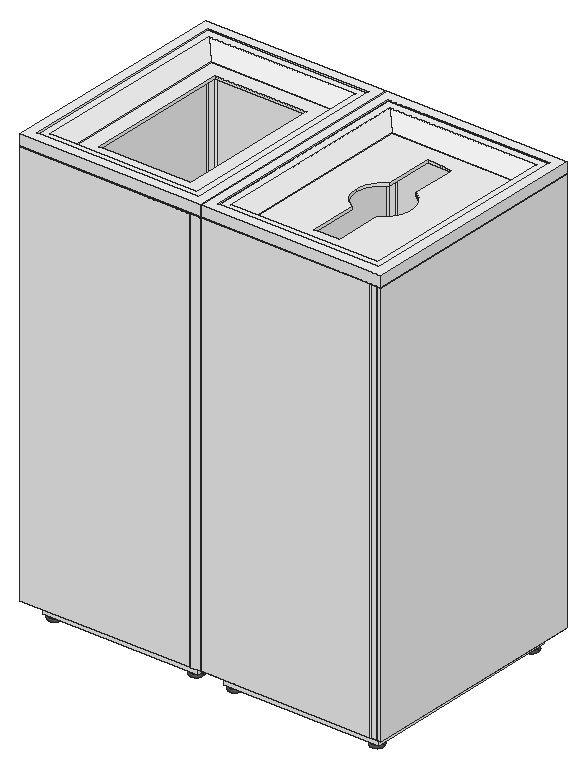
Revit family "REVIT-MG-1062-Valuta-", category Furniture, Revit 2016
Family settings
  OmniClass Number = 23.40.20.00
  OmniClass Title = General Furniture and Specialties
  Work Plane-Based = No
  Always vertical = Yes
  Cut with Voids When Loaded = No
  Shared = No
  Room Calculation Point = No
Parameters (values of type "MG-1062")
  URL = "www.magnusongroup.com"
  Type Comments = "Stand Alone"  # constant formula
  Salvage or Reuse = yes
  Percentage of Recycled Content = 0
  Model = "MG-1062"
  Manufacturer = "Magnuson Group"  # constant formula
  Low Emitting Material = yes
  Low Emitting Finish = yes
  Revit File Built By = "https://servex-us.com/servex-revit/"
  Description = "Valuta Waste Receptacle"
Reference planes (in)
  plane 1 "Center Front/Back": y = 0
  plane 2: z = 0
  plane 3 "Center Left/Right": x = 0
Dimensions and locks (in)
  aligned and locked: level to plane 2
Nested families (in)
  nested 1: "Magnuson-Valuta_1814L" at (7, -9, 0), type "VA1814L-Waste"
    with Sign Holder Magnetic no, Sign Holder Acrylic no
  nested 2: "Magnuson-Valuta_1814L" at (21, -9, 0), type "VA1814L-Paper-Circle"
    with Sign Holder Magnetic no, Sign Holder Acrylic no
Definition of nested family "Magnuson-Valuta_1814L"
  Parameters (values of type "VA1814L-Circle")
    Width = 14"
    Waste = no
    URL = "www.magnusongroup.com"
    Type Comments = "Valuta"  # constant formula
    Top Finish = none
    Top 2 = or(Security, Security 45°)  # no
    Top 1 = not(or(Security, Security 45°))  # yes
    Support Finish = none
    Sign Holder Magnetic [instance] = no
    Sign Holder Acrylic [instance] = no
    Security 45° = no
    Security = no
    Revit File Built By = "https://servex-us.com/servex-revit/"
    Paper/Circle 45° = no
    Paper/Circle = no
    Paper 45° = no
    Paper = no
    Model = "VA1814L-Circle"
    Manufacturer = "Magnuson Group"  # constant formula
    Magnetic Finish = none
    Lock Finish = none
    Laminate = yes
    Keynote = "12500"
    Height = 33 3/4"
    Glide Finish = none
    Dist Sec = if(or(Security, Security 45°), Width - 1", 1/32")  # 1/32"
    Description = "32 gallon body waste receptacle - circle opening - internal rigid liner."
    Depth = 18"
    Cost = 0  # constant formula
    Circle = yes
    Body Finish = none
    Base Finish = none
    Assembly Code = "E2020200"
    Acrylic Finish = none
  Types (5): name | Waste | Top 2 | Top 1 | Security | Paper/Circle | Paper | Model | Dist Sec | Description | Circle
    VA1814L-Sec | no | yes | no | yes | no | no | "VA1814L-Sec" | 13" | "32 gallon body waste receptacle - internal rigid liner - locking top 1/2\" wide opening." | no
    VA1814L-Circle | no | no | yes | no | no | no | "VA1814L-Circle" | 1/32" | "32 gallon body waste receptacle - circle opening - internal rigid liner." | yes
    VA1814L-Waste | yes | no | yes | no | no | no | "VA1814L-Waste" | 1/32" | "32 gallon body waste receptacle - waste opening - internal rigid liner." | no
    VA1814L-Paper-Circle | no | no | yes | no | yes | no | "VA1814L-Paper-Circle" | 1/32" | "32 gallon body waste receptacle - paper/circle opening - internal rigid liner." | no
    VA1814L-Paper | no | no | yes | no | no | yes | "VA1814L-Paper" | 1/32" | "32 gallon body waste receptacle - paper opening - internal rigid liner." | no
  Reference planes (in)
    plane 1 "Center (Front/Back)": y = 0
    plane 2: z = 0
    plane 3 "Center (Left/Right)": x = 0
    plane 4: y = -9
    plane 5: y = 9
    plane 6: x = -7
    plane 7: x = 7
    plane 8: z = 33.75
    plane 9: z = 0.3467
    plane 10: z = 1.3652
    plane 11: z = 1.4252
    plane 12: z = 19
    plane 13: y = 7.5
    plane 14: y = -7.5
    plane 15: x = -5.5
    plane 16: x = 5.5
    plane 17: z = 32.86
  Forms (in)
    Extrusion 1, solid, material <- "Body Finish"
      sketch origin (0, 0, 0) x (1, 0, 0) y (0, 1, 0)
        loop
          line (-7, 9) -> (-7, -9) -> (6.15548, -9) -> (6.22548, -8.93) -> (6.64, -8.93) -> (6.64, -8.895) -> (6.21099, -8.895) -> (6.14099, -8.965) -> (-6.965, -8.965) -> (-6.965, 8.965) -> (-6.25, 8.965) -> (-6.25, 9) -> (-7, 9)
        loop
          line (7, -9) -> (7, 9) -> (-6.13557, 9) -> (-6.20557, 8.93) -> (-6.64, 8.93) -> (-6.64, 8.895) -> (-6.19107, 8.895) -> (-6.12107, 8.965) -> (6.965, 8.965) -> (6.965, -8.965) -> (6.25, -8.965) -> (6.25, -9) -> (7, -9)
      from 1.3652 to 32.86
    Sweep 2, solid, material <- "Base Finish"
      path origin (0, 0, 0) x (1, 0, 0) y (0, 1, 0)
        loop
          line (-6, 8) -> (-6, -8) -> (6, -8) -> (6, 8) -> (-6, 8)
      profile origin (0, 8, 0) x (0, 1, 0) y (0, 0, 1)
        loop
          line (0, 0.3467) -> (0, 1.3652) -> (-1, 1.3652) -> (-1, 0.3467) -> (0, 0.3467)
    Extrusion 3, solid, material <- "Body Finish"
      sketch origin (0, 0, 0) x (1, 0, 0) y (0, 1, 0)
        loop
          line (-6.965, 8.965) -> (-6.965, -8.965) -> (6.965, -8.965) -> (6.965, 8.965) -> (-6.965, 8.965)
      from 1.3652 to 1.4252
    Sweep 4, solid, material <- "Top Finish"
      path origin (0, 0, 24.76772) x (1, 0, 0) y (0, 1, 0)
        loop
          line (-7, 9) -> (-7, -9) -> (7, -9) -> (7, 9) -> (-7, 9)
      profile origin (-7, 0, 24.76772) x (1, 0, 0) y (0, 0, 1)
        loop
          line (2.20362, 7.825) -> (1.30862, 8.89163) -> (0.75, 8.89163) -> (0.75, 8.98228) -> (0, 8.98228) -> (0, 8.15478) -> (0.0625, 8.09228) -> (1.71827, 8.09228) -> (2.11036, 7.625) -> (2.20362, 7.625) -> (2.20362, 7.825)
    Revolve 5, solid, material <- "Glide Finish"
      sketch origin (-7.5, 7.5, 47.24409) x (-1, 0, 0) y (0, 0, 1)
        loop
          line (-2, -46.62239) -> (-2.09, -46.62239) -> (-2.09, -47.08409) -> (-2.42983, -47.08409)
          arc (-2.42983, -47.08409) -> (-2.50983, -47.16409) -> (-2.42983, -47.24409) r 0.08
          line (-2.42983, -47.24409) -> (-2, -47.24409) -> (-2, -46.62239)
        axis (-2, -47.24409) -> (-2, -46.62239)
      angle from 0 to 360
    Extrusion 6, solid, material <- "Glide Finish"
      sketch origin (-0.175, 0.175, 0) x (1, 0, 0) y (0, 1, 0)
        loop
          line (-5.70347, 7.325) -> (-5.51423, 6.99724) -> (-5.13577, 6.99724) -> (-4.94653, 7.325) -> (-5.13577, 7.65276) -> (-5.51423, 7.65276) -> (-5.70347, 7.325)
      from 0.16 to 0.32
    Extrusion 7, solid, material <- "Glide Finish"
      sketch origin (14.825, 0.175, 0) x (1, 0, 0) y (0, 1, 0)
        loop
          line (-9.70347, 7.325) -> (-9.51423, 6.99724) -> (-9.13577, 6.99724) -> (-8.94653, 7.325) -> (-9.13577, 7.65276) -> (-9.51423, 7.65276) -> (-9.70347, 7.325)
      from 0.16 to 0.32
    Revolve 8, solid, material <- "Glide Finish"
      sketch origin (7.5, 7.5, 47.24409) x (-1, 0, 0) y (0, 0, 1)
        loop
          line (2, -46.62239) -> (1.91, -46.62239) -> (1.91, -47.08409) -> (1.57017, -47.08409)
          arc (1.57017, -47.08409) -> (1.49017, -47.16409) -> (1.57017, -47.24409) r 0.08
          line (1.57017, -47.24409) -> (2, -47.24409) -> (2, -46.62239)
        axis (2, -47.24409) -> (2, -46.62239)
      angle from 0 to 360
    Extrusion 9, solid, material <- "Glide Finish"
      sketch origin (-0.175, -14.825, 0) x (1, 0, 0) y (0, 1, 0)
        loop
          line (-5.70347, 7.325) -> (-5.51423, 6.99724) -> (-5.13577, 6.99724) -> (-4.94653, 7.325) -> (-5.13577, 7.65276) -> (-5.51423, 7.65276) -> (-5.70347, 7.325)
      from 0.16 to 0.32
    Extrusion 10, solid, material <- "Glide Finish"
      sketch origin (14.825, -14.825, 0) x (1, 0, 0) y (0, 1, 0)
        loop
          line (-9.70347, 7.325) -> (-9.51423, 6.99724) -> (-9.13577, 6.99724) -> (-8.94653, 7.325) -> (-9.13577, 7.65276) -> (-9.51423, 7.65276) -> (-9.70347, 7.325)
      from 0.16 to 0.32
    Revolve 11, solid, material <- "Glide Finish"
      sketch origin (-7.5, -7.5, 47.24409) x (-1, 0, 0) y (0, 0, 1)
        loop
          line (-2, -46.62239) -> (-2.09, -46.62239) -> (-2.09, -47.08409) -> (-2.42983, -47.08409)
          arc (-2.42983, -47.08409) -> (-2.50983, -47.16409) -> (-2.42983, -47.24409) r 0.08
          line (-2.42983, -47.24409) -> (-2, -47.24409) -> (-2, -46.62239)
        axis (-2, -47.24409) -> (-2, -46.62239)
      angle from 0 to 360
    Revolve 12, solid, material <- "Glide Finish"
      sketch origin (-7.5, -7.5, 47.24409) x (-1, 0, 0) y (0, 0, 1)
        loop
          line (-13, -46.62239) -> (-13.09, -46.62239) -> (-13.09, -47.08409) -> (-13.42983, -47.08409)
          arc (-13.42983, -47.08409) -> (-13.50983, -47.16409) -> (-13.42983, -47.24409) r 0.08
          line (-13.42983, -47.24409) -> (-13, -47.24409) -> (-13, -46.62239)
        axis (-13, -47.24409) -> (-13, -46.62239)
      angle from 0 to 360
    Extrusion 13, solid, material <- "Top Finish"
      sketch origin (0, 0, 0) x (0, 1, 0) y (0, 0, 1)
        loop
          line (-6.5, 32.49272) -> (-6.5, 32.59272) -> (-6.93456, 33.65935) -> (-7.73357, 33.65935) -> (-7.73357, 32.49272) -> (-6.5, 32.49272)
      from -6.5 to -6.46875
    Extrusion 14, solid, material <- "Lock Finish", visible <- "Top 2"
      sketch origin (0, 0, 0) x (1, 0, 0) y (0, 1, 0)
        loop
          circle (0, -7.59228) r 0.25
      from 33.75 to 33.8125
  Cuts and joins
    joined: Sweep 4, Extrusion 13
  Lines and regions (in)
    symbolic lines
      curve 1: line (7, 9, 0) -> (-7, 9, 0)
      curve 2: line (-7, -9, 0) -> (7, -9, 0)
      curve 3: line (6.25, 8.25, 0) -> (6.25, -8.25, 0)
      curve 4: line (6.25, -8.25, 0) -> (-6.25, -8.25, 0)
      curve 5: line (-6.25, -8.25, 0) -> (-6.25, 8.25, 0)
      curve 6: line (5.69138, 7.69138, 0) -> (-5.69138, 7.69138, 0)
      curve 7: line (-6.25, 8.25, 0) -> (6.25, 8.25, 0)
      curve 8: line (-5.69138, 7.69138, 0) -> (-5.69138, -6.93456, 0)
      curve 11: line (-4.79638, 6.79638, 0) -> (4.79638, 6.79638, 0)
      curve 13: line (4.79638, 6.79638, 0) -> (4.79638, -6.5, 0)
      curve 17: line (-5.69138, 7.69138, 0) -> (-4.79638, 6.79638, 0)
      curve 18: line (5.69138, 7.69138, 0) -> (4.79638, 6.79638, 0)
      curve 24: line (5.69138, -6.93456, 0) -> (5.69138, 7.69138, 0)
      curve 25: line (-4.79638, -6.5, 0) -> (-4.79638, 6.79638, 0)
      curve 33: line (-7, 9, 0) -> (-7, -9, 0)
      curve 34: line (7, -9, 0) -> (7, 9, 0)
    symbolic lines, visible <- "Top 1"
      curve 9: line (5.69138, -7.69138, 0) -> (5.69138, -6.93456, 0)
      curve 10: line (-5.69138, -7.69138, 0) -> (5.69138, -7.69138, 0)
      curve 12: line (-4.79638, -6.79638, 0) -> (-4.79638, -6.5, 0)
      curve 14: line (4.79638, -6.79638, 0) -> (-4.79638, -6.79638, 0)
      curve 15: line (5.69138, -7.69138, 0) -> (4.79638, -6.79638, 0)
      curve 16: line (-4.79638, -6.79638, 0) -> (-5.69138, -7.69138, 0)
      curve 23: line (-5.69138, -6.93456, 0) -> (-5.69138, -7.69138, 0)
      curve 26: line (4.79638, -6.5, 0) -> (4.79638, -6.79638, 0)
    symbolic lines, detail levels fine
      curve 19: circle (-5.5, 7.5, 0) r 0.50866 normal (0, 0, 1)
      curve 20: circle (5.5, 7.5, 0) r 0.50866 normal (0, 0, -1)
      curve 21: circle (-5.5, -7.5, 0) r 0.50866 normal (0, 0, -1)
      curve 22: circle (5.5, -7.5, 0) r 0.50866 normal (0, 0, 1)
    symbolic lines, visible <- "Top 2"
      curve 27: line (-5.69138, -6.93456, 0) -> (5.69138, -6.93456, 0)
      curve 28: line (4.79638, -6.5, 0) -> (5.69138, -6.93456, 0)
      curve 29: line (4.79638, -6.5, 0) -> (-4.79638, -6.5, 0)
      curve 30: line (-4.79638, -6.5, 0) -> (-5.69138, -6.93456, 0)
      curve 31: arc (0.25, -7.59228, 0) -> (0, -7.34228, 0) -> (-0.25, -7.59228, 0) r 0.25
      curve 32: arc (-0.25, -7.59228, 0) -> (0, -7.84228, 0) -> (0.25, -7.59228, 0) r 0.25
  Dimensions and locks (in)
    equal spacing: plane 5, plane 1 "Center (Front/Back)", plane 4
    "Depth": plane 5 to plane 4
    equal spacing: plane 6, plane 3 "Center (Left/Right)", plane 7
    "Width": plane 6 to plane 7
    "Height": plane 8 to plane 2
    locked: plane 12 to level at 19
    plane 6 to Extrusion 1 sketch curve to Extrusion 1 sketch curve to Extrusion 1 sketch curve to Extrusion 1 sketch curve to Extrusion 1 sketch curve = 0.36" locked, 0.43443" locked, 0.0145" locked, 0.0555" locked, 0.0145" locked
    plane 5 to Extrusion 1 sketch curve to Extrusion 1 sketch curve to Extrusion 1 sketch curve = 0.035" locked, 0.035" locked, 0.035" locked
    locked: Extrusion 1 sketch curve to plane 5 at 0.035
    locked: Extrusion 1 sketch curve to plane 7 at 0.035
    plane 4 to Extrusion 1 sketch curve to Extrusion 1 sketch curve to Extrusion 1 sketch curve to Extrusion 1 sketch curve = 0.035" locked, 0" locked, 0.035" locked, 0.035" locked
    plane 7 to Extrusion 1 sketch curve to Extrusion 1 sketch curve to Extrusion 1 sketch curve to Extrusion 1 sketch curve to Extrusion 1 sketch curve = 0.36" locked, 0.41452" locked, 0.0145" locked, 0.0555" locked, 0.0145" locked
    locked: plane 6 to plane 15 at 1.5
    locked: plane 16 to plane 7 at 1.5
    locked: plane 5 to plane 13 at 1.5
    locked: plane 4 to plane 14 at 1.5
    plane 15 to Revolve 5 sketch curve to Revolve 5 sketch curve = 0.09" locked, 87/256" locked
    Extrusion 6 sketch curve to Extrusion 6 sketch curve to Extrusion 6 sketch curve to plane 15 to Extrusion 6 sketch curve to Extrusion 6 sketch curve to Extrusion 6 sketch curve = 0.18923" locked, 0" locked, 0.18923" locked, 0.18923" locked, 0" locked, 0.18923" locked
    Extrusion 6 sketch curve to Extrusion 6 sketch curve to Extrusion 6 sketch curve to plane 13 to Extrusion 6 sketch curve = 0.32776" locked, 0" locked, 0" locked, 0.32776" locked
    plane 16 to Revolve 8 sketch curve to Revolve 8 sketch curve = 0.09" locked, 87/256" locked
    Extrusion 9 sketch curve to Extrusion 9 sketch curve to Extrusion 9 sketch curve to plane 15 to Extrusion 9 sketch curve to Extrusion 9 sketch curve to Extrusion 9 sketch curve = 0.18923" locked, 0" locked, 0.18923" locked, 0.18923" locked, 0" locked, 0.18923" locked
    Extrusion 9 sketch curve to Extrusion 9 sketch curve to Extrusion 9 sketch curve to plane 14 to Extrusion 9 sketch curve = 0.32776" locked, 0" locked, 0" locked, 0.32776" locked
    Extrusion 7 sketch curve to Extrusion 7 sketch curve to Extrusion 7 sketch curve to plane 13 to Extrusion 7 sketch curve = 0.32776" locked, 0" locked, 0" locked, 0.32776" locked
    Extrusion 7 sketch curve to Extrusion 7 sketch curve to Extrusion 7 sketch curve to plane 16 to Extrusion 7 sketch curve to Extrusion 7 sketch curve to Extrusion 7 sketch curve = 0.18923" locked, 0" locked, 0.18923" locked, 0.18923" locked, 0" locked, 0.18923" locked
    Extrusion 10 sketch curve to Extrusion 10 sketch curve to Extrusion 10 sketch curve to plane 14 to Extrusion 10 sketch curve = 0.32776" locked, 0" locked, 0" locked, 0.32776" locked
    Extrusion 10 sketch curve to Extrusion 10 sketch curve to Extrusion 10 sketch curve to plane 16 to Extrusion 10 sketch curve to Extrusion 10 sketch curve to Extrusion 10 sketch curve = 0.18923" locked, 0" locked, 0.18923" locked, 0.18923" locked, 0" locked, 0.18923" locked
    plane 15 to Revolve 11 sketch curve to Revolve 11 sketch curve = 0.09" locked, 87/256" locked
    plane 16 to Revolve 12 sketch curve to Revolve 12 sketch curve = 0.09" locked, 87/256" locked
    plane 8 to Sweep 4 sketch curve to Sweep 4 sketch curve to Sweep 4 sketch curve = 0.09065" locked, 1.06663" locked, 0.2" locked
    plane 11 to plane 10 to plane 9 to level = 0.06" locked, 1.0185" locked, 0.3467" locked
    locked: plane 8 to plane 17 at 0.89
    Extrusion 13 sketch curve to Extrusion 13 sketch curve to plane 14 to Extrusion 13 sketch curve = 0.43456" locked, 0.56544" locked, 0.23357" locked
    Extrusion 13 sketch curve to Extrusion 13 sketch curve to Extrusion 13 sketch curve to plane 8 = 0.1" locked, 1.06663" locked, 0.09065" locked
    locked: plane 6 to Extrusion 13 at 0.5
    "Dist Sec": Extrusion 13 to Extrusion 13
    locked: Extrusion 14 to plane 8 at 0.0625
    locked: Extrusion 14 sketch curve to plane 14 at 0.09228
    aligned and locked: level to plane 2
    aligned and locked: plane 5 to Extrusion 1 sketch curve
    aligned and locked: Extrusion 1 sketch curve to plane 6
    aligned and locked: plane 4 to Extrusion 1 sketch curve
    aligned and locked: Extrusion 1 sketch curve to plane 7
    aligned and locked: Extrusion 1 to plane 10
    aligned and locked: profile plane to Sweep 2 sketch curve
    aligned and locked: Extrusion 3 sketch curve to Extrusion 1  (x4)
    aligned and locked: Extrusion 3 to plane 10
    aligned and locked: plane 11 to Extrusion 3
    aligned and locked: Sweep 2 sketch curve to plane 9
    aligned and locked: Sweep 4 sketch curve to plane 5
    aligned and locked: plane 6 to Sweep 4 sketch curve
    aligned and locked: plane 7 to Sweep 4 sketch curve
    aligned and locked: Sweep 4 sketch curve to plane 4
    aligned and locked: plane 3 "Center (Left/Right)" to nested 1
    aligned and locked: plane 15 to Revolve 5 sketch curve
    aligned and locked: Revolve 5 sketch curve to plane 15
    aligned and locked: Revolve 8 sketch curve to plane 16
    aligned and locked: plane 16 to Revolve 8 sketch curve
    aligned and locked: plane 15 to Revolve 11 sketch curve
    aligned and locked: Revolve 11 sketch curve to plane 15
    aligned and locked: Revolve 12 sketch curve to plane 16
    aligned and locked: plane 16 to Revolve 12 sketch curve
    aligned and locked: curve 1 to Sweep 4
    aligned and locked: curve 2 to Sweep 4
    aligned and locked: curve 3 to Sweep 4
    aligned and locked: curve 4 to Sweep 4
    aligned and locked: curve 5 to Sweep 4
    aligned and locked: curve 6 to Sweep 4
    aligned and locked: curve 7 to Sweep 4
    aligned and locked: curve 8 to Sweep 4
    aligned and locked: curve 9 to Sweep 4
    aligned and locked: curve 10 to Sweep 4
    aligned and locked: curve 11 to Sweep 4
    aligned and locked: curve 12 to Sweep 4
    aligned and locked: curve 13 to Sweep 4
    aligned and locked: curve 14 to Sweep 4
    aligned and locked: curve 15 to Sweep 4
    aligned and locked: curve 16 to Sweep 4
    aligned and locked: curve 17 to Sweep 4
    aligned and locked: curve 18 to Sweep 4
    aligned and locked: plane 15 to curve 19
    aligned and locked: plane 13 to curve 19
    aligned and locked: plane 16 to curve 20
    aligned and locked: plane 13 to curve 20
    aligned and locked: plane 14 to curve 21
    aligned and locked: plane 15 to curve 21
    aligned and locked: plane 16 to curve 22
    aligned and locked: plane 14 to curve 22
    aligned and locked: plane 17 to Sweep 4 sketch curve
    aligned and locked: Extrusion 1 to plane 17
    aligned and locked: Sweep 2 sketch curve to plane 10
    aligned and locked: plane 3 "Center (Left/Right)" to nested 2
    aligned and locked: plane 8 to nested 2
    aligned and locked: plane 5 to nested 2
    aligned and locked: plane 3 "Center (Left/Right)" to Extrusion 14 sketch curve
    aligned and locked: Extrusion 14 to plane 8
    aligned and locked: curve 31 to Extrusion 14
    aligned and locked: curve 32 to Extrusion 14
    aligned and locked: curve 33 to Extrusion 1
    aligned and locked: curve 34 to Extrusion 1
  Automatic sketch dimensions
    Extrusion 1 sketch curve to plane 4 = 0"
    plane 5 to Extrusion 1 sketch curve = 0"
    Extrusion 1 sketch curve to plane 6 = 0.035"
    Extrusion 1 sketch curve to Extrusion 1 sketch curve = 0.04443"
    Extrusion 1 sketch curve to Extrusion 1 sketch curve = 0.02452"
    Sweep 2 sketch curve to plane 15 = 1/2"
    Sweep 2 sketch curve to plane 16 = 1/2"
    plane 14 to Sweep 2 sketch curve = 1/2"
    plane 13 to Sweep 2 sketch curve = 1/2"
    profile plane to Sweep 2 sketch curve = 1"
    Revolve 5 sketch curve to level = 0"
    level to Revolve 5 sketch curve = 0.08"
    plane 9 to Revolve 5 sketch curve = 0.275"
    Revolve 5 sketch curve to Revolve 5 sketch curve = 0.81571"
    plane 11 to Revolve 5 sketch curve = 0.99907"
    Revolve 8 sketch curve to level = 0"
    level to Revolve 8 sketch curve = 0.08"
    plane 9 to Revolve 8 sketch curve = 0.275"
    Revolve 8 sketch curve to Revolve 8 sketch curve = 0.81571"
    plane 11 to Revolve 8 sketch curve = 0.99907"
    Revolve 11 sketch curve to level = 0"
    Revolve 11 sketch curve to Revolve 11 sketch curve = 0.08"
    Revolve 11 sketch curve to plane 9 = 0.275"
    level to Revolve 11 sketch curve = 0.81571"
    Revolve 11 sketch curve to plane 11 = 0.99907"
    Revolve 12 sketch curve to level = 0"
    Revolve 12 sketch curve to Revolve 12 sketch curve = 0.08"
    Revolve 12 sketch curve to plane 9 = 0.275"
    level to Revolve 12 sketch curve = 0.81571"
    Revolve 12 sketch curve to plane 11 = 0.99907"
    profile plane to Sweep 4 sketch curve = 0"
    Sweep 4 sketch curve to profile plane = 3/4"
    Sweep 4 sketch curve to Sweep 4 sketch curve = 0.55862"
    Sweep 4 sketch curve to Sweep 4 sketch curve = 0.40965"
    Sweep 4 sketch curve to Sweep 4 sketch curve = 0.39209"
    Sweep 4 sketch curve to Sweep 4 sketch curve = 0.09326"
    Sweep 4 sketch curve to Sweep 4 sketch curve = 0.09065"
    Sweep 4 sketch curve to profile plane = 1/16"
    Sweep 4 sketch curve to Sweep 4 sketch curve = 1/16"
    curve 9 to plane 14 = 0.56544"
    curve 12 to curve 12 = 0.29638"
    radius of Extrusion 14 sketch curve = 1/4"
    radius of curve 19 = 0.50866"
    radius of curve 20 = 0.50866"
    radius of curve 21 = 0.50866"
    radius of curve 22 = 0.50866"
  Nested families (in)
    nested 1: "Laminate" at (0, 0, 0), Top Finish <- "Top Finish", Width <- "Width", Height <- "Height", Depth <- "Depth", Paper 45° <- "Paper 45°", Laminate <- "Laminate", Paper/Circle <- "Paper/Circle", Paper <- "Paper", Circle <- "Circle", Waste <- "Waste", Paper 45°/Circle <- "Paper/Circle 45°", Security <- "Security", Security 45° <- "Security 45°", type "Laminate"
      with Width Waste 15", Width Sec 45° 60", Width Sec 50", Width Paper 45° 40", Width Paper 30", Width Circle 0", Width 14", Waste no, W Wasted 7 1/8", Top Finish none, Security 45° no, Security no, Paper/Circle no, Paper 45°/Circle no, Paper 45° no, Paper no, P2 no, P1 no, Linea PC45° 20", Linea PC 30", Laminate yes, Height 33 3/4", Dist Waste 10", Dist Sec 45° 10", Dist Sec 10", Dist Paper 45° 10", Dist Paper 10", Dist Circle 30", Depth 18", D Wasted 11 1/4", Circle yes, C1 yes
    nested 2: "Sign Holder" at (0, 9, -6.69357), Support Finish <- "Support Finish", Sign Holder Acrylic <- "Sign Holder Acrylic", Sign Holder Magnetic <- "Sign Holder Magnetic", Acrylic Finish <- "Acrylic Finish", Magnetic Finish <- "Magnetic Finish", type "Sign Holder"
      with Support Finish none, Sign Holder Magnetic no, Sign Holder Acrylic no, Magnetic Finish none, Acrylic Finish none
  Definition of nested family "Laminate"
    Parameters (values of type "Laminate")
      Width Waste [instance] = if(Waste, 0", 15")  # 15"
      Width Sec 45° [instance] = if(Security 45°, 0", 60")  # 60"
      Width Sec [instance] = if(Security, 0", 50")  # 50"
      Width Paper 45° [instance] = if(or([Paper 45°/Circle], Paper 45°), 0", 40")  # 40"
      Width Paper [instance] = if(or([Paper/Circle], Paper), 0", 30")  # 30"
      Width Circle [instance] = if(or([Paper/Circle], [Paper 45°/Circle], Circle), 0", 25")  # 25"
      Width [instance] = 18"
      Waste [instance] = no
      W Wasted [instance] = if(and(Width = 14", Depth = 18"), 7 1/8", 11 1/16")  # 11 1/16"
      Top Finish [instance] = none
      Security 45° [instance] = no
      Security [instance] = no
      Paper 45°/Circle [instance] = no
      Paper 45° [instance] = no
      P2 [instance] = Paper  # no
      P1 [instance] = Paper 45°  # no
      Linea PC45° [instance] = if([Paper 45°/Circle], 0", 20")  # 20"
      Linea PC [instance] = if([Paper/Circle], 0", 30")  # 30"
      Laminate [instance] = no
      URL = ""
      Type Comments = ""
      Paper/Circle [instance] = no
      Paper [instance] = no
      Model = ""
      Manufacturer = ""
      Keynote = ""
      Height [instance] = 26 1/8"
      Dist Waste [instance] = if(Waste, 30", 10")  # 10"
      Dist Sec 45° [instance] = if(Security 45°, 30", 10")  # 10"
      Dist Sec [instance] = if(Security, 30", 10")  # 10"
      Dist Paper [instance] = if(or([Paper/Circle], Paper), 30", 10")  # 10"
      Dist Paper 45° [instance] = if(or([Paper 45°/Circle], Paper 45°), 30", 10")  # 10"
      Dist Circle [instance] = if(or([Paper/Circle], [Paper 45°/Circle], Circle), 30", 10")  # 10"
      Description = ""
      Depth [instance] = 18"
      D Wasted [instance] = if(and(Width = 14", Depth = 18"), 11 1/4", 11 1/16")  # 11 1/16"
      Cost = 0  # constant formula
      Circle [instance] = no
      C1 [instance] = and(Circle)  # no
      Assembly Code = ""
    Reference planes (in)
      plane 1 "Center (Front/Back)": y = 0
      plane 2: z = 0
      plane 3 "Center (Left/Right)": x = 0
      plane 4: y = -9
      plane 5: y = 9
      plane 6: x = -9
      plane 7: x = 9
      plane 8: z = 26.125
      plane 9: z = 3
      plane 10: x = 40
      plane 11: x = 30
      plane 12: x = 25
      plane 13: x = 15
      plane 14: x = -20
      plane 15: x = -30
      plane 16: x = 50
      plane 17: x = 60
    Forms (in)
      Extrusion 1, solid, material <- "Top Finish", visible <- "Laminate"
        sketch origin (0, 0, 0) x (1, 0, 0) y (0, 1, 0)
          loop
            line (-6.79638, 6.79638) -> (-6.79638, -6.79638) -> (6.79638, -6.79638) -> (6.79638, 6.79638) -> (-6.79638, 6.79638)
        from 24.76772 to 24.96772
      Extrusion 2, void
        sketch origin (0, 0, 0) x (1, 0, 0) y (0, 1, 0)
          loop
            circle (25, 0) r 2.125
        from 3 to 13
      Extrusion 3, void
        sketch origin (-27, 0, 0) x (1, 0, 0) y (0, 1, 0)
          loop
            line (61.67368, 3.91211) -> (70.91211, -5.32632) -> (72.52427, -5.52427) -> (72.32632, -3.91211) -> (63.08789, 5.32632) -> (61.47573, 5.52427) -> (61.67368, 3.91211)
        from 3 to 13
      Extrusion 4, void
        sketch origin (35, 0, 0) x (1, 0, 0) y (0, 1, 0)
          loop
            line (-6, 5.5) -> (-6, -5.5) -> (-4, -5.5) -> (-4, 5.5) -> (-6, 5.5)
        from 3 to 13
      Extrusion 5, void
        sketch origin (26, 0, 0) x (1, 0, 0) y (0, 1, 0)
          loop
            line (-16.53125, 5.53125) -> (-16.53125, -5.53125) -> (-5.46875, -5.53125) -> (-5.46875, 5.53125) -> (-16.53125, 5.53125)
        from 3 to 13
      Extrusion 6, void
        sketch origin (0, 0, 0) x (1, 0, 0) y (0, 1, 0)
          loop
            line (49.75, 5.5) -> (49.75, -5.5) -> (50.25, -5.5) -> (50.25, 5.5) -> (49.75, 5.5)
        from 3 to 13
      Extrusion 7, void
        sketch origin (0, 0, 0) x (1, 0, 0) y (0, 1, 0)
          loop
            line (54.86697, 4.77658) -> (64.7663, -5.12275) -> (65.13305, -5.13374) -> (65.12207, -4.76699) -> (55.22342, 5.13303) -> (54.86697, 5.13303) -> (54.86697, 4.77658)
        from 3 to 13
    Cuts and joins
      Extrusion 2, Extrusion 3, Extrusion 4, Extrusion 5, Extrusion 6, Extrusion 7 cuts Extrusion 1
    Lines and regions (in)
      symbolic lines, visible <- "Laminate"
        curve 1: line (6.79638, 6.79638, 0) -> (-6.79638, 6.79638, 0)
        curve 2: line (-6.79638, 6.79638, 0) -> (-6.79638, -6.79638, 0)
        curve 3: line (-6.79638, -6.79638, 0) -> (6.79638, -6.79638, 0)
        curve 4: line (6.79638, -6.79638, 0) -> (6.79638, 6.79638, 0)
      symbolic lines, visible <- "Paper 45°/Circle"
        curve 5: line (-25.52427, 5.52427, 0) -> (-25.32632, 3.91211, 0)
        curve 6: line (-25.32632, 3.91211, 0) -> (-22.03293, 0.61872, 0)
        curve 7: line (-23.91211, 5.32632, 0) -> (-25.52427, 5.52427, 0)
        curve 8: line (-14.67368, -3.91211, 0) -> (-17.96707, -0.61872, 0)
        curve 9: arc (-22.03293, 0.61872, 0) -> (-21.5026, -1.5026, 0) -> (-19.38128, -2.03293, 0) r 2.125
        curve 10: arc (-17.96707, -0.61872, 0) -> (-18.4974, 1.5026, 0) -> (-20.61872, 2.03293, 0) r 2.125
        curve 11: line (-16.08789, -5.32632, 0) -> (-14.47573, -5.52427, 0)
        curve 12: line (-14.47573, -5.52427, 0) -> (-14.67368, -3.91211, 0)
        curve 13: line (-19.38128, -2.03293, 0) -> (-16.08789, -5.32632, 0)
        curve 14: line (-20.61872, 2.03293, 0) -> (-23.91211, 5.32632, 0)
      symbolic lines, visible <- "Paper/Circle"
        curve 15: line (-31, 1.875, 0) -> (-31, 5.5, 0)
        curve 16: line (-31, 5.5, 0) -> (-29, 5.5, 0)
        curve 17: line (-29, 5.5, 0) -> (-29, 1.875, 0)
        curve 18: line (-29, -1.875, 0) -> (-29, -5.5, 0)
        curve 19: line (-29, -5.5, 0) -> (-31, -5.5, 0)
        curve 20: line (-31, -5.5, 0) -> (-31, -1.875, 0)
        curve 21: arc (-29, 1.875, 0) -> (-27.875, 0, 0) -> (-29, -1.875, 0) r 2.125
        curve 22: arc (-31, 1.875, 0) -> (-32.125, 0, 0) -> (-31, -1.875, 0) r 2.125
      symbolic lines, visible <- "C1"
        curve 23: arc (27.125, 0, 0) -> (25, 2.125, 0) -> (22.875, 0, 0) r 2.125
        curve 24: arc (22.875, 0, 0) -> (25, -2.125, 0) -> (27.125, 0, 0) r 2.125
      symbolic lines, visible <- "P2"
        curve 25: line (29, 5.5, 0) -> (29, -5.5, 0)
        curve 26: line (31, -5.5, 0) -> (31, 5.5, 0)
        curve 27: line (31, 5.5, 0) -> (29, 5.5, 0)
        curve 28: line (29, -5.5, 0) -> (31, -5.5, 0)
      symbolic lines, visible <- "P1"
        curve 29: line (34.67368, 3.91211, 0) -> (43.91211, -5.32632, 0)
        curve 30: line (43.91211, -5.32632, 0) -> (45.52427, -5.52427, 0)
        curve 31: line (45.52427, -5.52427, 0) -> (45.32632, -3.91211, 0)
        curve 32: line (45.32632, -3.91211, 0) -> (36.08789, 5.32632, 0)
        curve 33: line (36.08789, 5.32632, 0) -> (34.47573, 5.52427, 0)
        curve 34: line (34.47573, 5.52427, 0) -> (34.67368, 3.91211, 0)
      symbolic lines, visible <- "Waste"
        curve 35: line (20.53125, 5.53125, 0) -> (9.46875, 5.53125, 0)
        curve 36: line (9.46875, 5.53125, 0) -> (9.46875, -5.53125, 0)
        curve 37: line (20.53125, -5.53125, 0) -> (20.53125, 5.53125, 0)
        curve 38: line (9.46875, -5.53125, 0) -> (20.53125, -5.53125, 0)
      symbolic lines, visible <- "Security"
        curve 39: line (49.75, 5.5, 0) -> (49.75, -5.5, 0)
        curve 40: line (50.25, 5.5, 0) -> (49.75, 5.5, 0)
        curve 41: line (50.25, -5.5, 0) -> (50.25, 5.5, 0)
        curve 42: line (49.75, -5.5, 0) -> (50.25, -5.5, 0)
      symbolic lines, visible <- "Security 45°"
        curve 43: line (54.86697, 4.77658, 0) -> (64.7663, -5.12275, 0)
        curve 44: line (64.7663, -5.12275, 0) -> (65.13305, -5.13374, 0)
        curve 45: line (65.13305, -5.13374, 0) -> (65.12207, -4.76699, 0)
        curve 46: line (65.12207, -4.76699, 0) -> (55.22342, 5.13303, 0)
        curve 47: line (54.86697, 5.13303, 0) -> (54.86697, 4.77658, 0)
        curve 48: line (55.22342, 5.13303, 0) -> (54.86697, 5.13303, 0)
    Dimensions and locks (in)
      equal spacing: plane 5, plane 1 "Center (Front/Back)", plane 4
      "Depth": plane 5 to plane 4
      equal spacing: plane 6, plane 3 "Center (Left/Right)", plane 7
      "Width": plane 6 to plane 7
      "Height": plane 8 to plane 2
      plane 8 to Extrusion 1 to Extrusion 1 = 1.15728" locked, 0.2" locked
      locked: Extrusion 1 sketch curve to plane 5 at 2.20362
      locked: Extrusion 1 sketch curve to plane 7 at 2.20362
      locked: plane 6 to Extrusion 1 sketch curve at 2.20362
      locked: Extrusion 1 sketch curve to plane 4 at 2.20362
      plane 9 to level = 3"
      "Dist Circle": Extrusion 2 to plane 9
      "Dist Paper 45°": Extrusion 3 to plane 9
      "Dist Paper": Extrusion 4 to plane 9
      "Dist Waste": Extrusion 5 to plane 9
      Extrusion 3 sketch curve to Extrusion 3 sketch curve to Extrusion 3 sketch curve to plane 10 to Extrusion 3 sketch curve to Extrusion 3 sketch curve to Extrusion 3 sketch curve = 0.19795" locked, 1.41421" locked, 3.91211" locked, 3.91211" locked, 1.41421" locked, 0.19795" locked
      equal spacing: Extrusion 4 sketch curve, plane 1 "Center (Front/Back)", Extrusion 4 sketch curve, locked at 5.5 each
      equal spacing: Extrusion 4 sketch curve, plane 11, Extrusion 4 sketch curve, locked at 1 each
      "Width Paper": plane 3 "Center (Left/Right)" to plane 11
      "Width Circle": plane 3 "Center (Left/Right)" to plane 12
      equal spacing: Extrusion 5 sketch curve, plane 13, Extrusion 5 sketch curve
      "W Wasted": Extrusion 5 sketch curve to Extrusion 5 sketch curve
      equal spacing: Extrusion 5 sketch curve, plane 1 "Center (Front/Back)", Extrusion 5 sketch curve
      "D Wasted": Extrusion 5 sketch curve to Extrusion 5 sketch curve
      "Width Waste": plane 3 "Center (Left/Right)" to plane 13
      "Width Paper 45°": plane 3 "Center (Left/Right)" to plane 10
      curve 7 to curve 6 to curve 14 to curve 9 to curve 14 to plane 14 = 0.19795" locked, 1.41421" locked, 1.87918" locked, 1.41421" locked, 0.61872" locked
      plane 14 to curve 13 to curve 10 to curve 13 to curve 12 to curve 12 = 0.61872" locked, 1.41421" locked, 1.87918" locked, 1.41421" locked, 0.19795" locked
      "Linea PC45°": plane 14 to plane 3 "Center (Left/Right)"
      "Linea PC": plane 15 to plane 3 "Center (Left/Right)"
      equal spacing: curve 15, plane 15, curve 17
      equal spacing: curve 20, plane 15, curve 18
      equal spacing: Extrusion 6 sketch curve, plane 16, Extrusion 6 sketch curve, locked at 0.25 each
      Extrusion 6 sketch curve to plane 1 "Center (Front/Back)" to Extrusion 6 sketch curve = 5 1/2" locked, 5 1/2" locked
      "Dist Sec": Extrusion 6 to plane 9
      "Width Sec": plane 3 "Center (Left/Right)" to plane 16
      Extrusion 7 sketch curve to Extrusion 7 sketch curve to Extrusion 7 sketch curve to plane 17 to Extrusion 7 sketch curve to Extrusion 7 sketch curve to Extrusion 7 sketch curve = 0.01098" locked, 0.35576" locked, 4.7663" locked, 4.77658" locked, 0.35645" locked, 0" locked
      Extrusion 7 sketch curve to Extrusion 7 sketch curve to Extrusion 7 sketch curve to plane 1 "Center (Front/Back)" to Extrusion 7 sketch curve to Extrusion 7 sketch curve to Extrusion 7 sketch curve = 0.01098" locked, 0.35576" locked, 4.76699" locked, 4.77658" locked, 0.35645" locked, 0" locked
      "Dist Sec 45°": Extrusion 7 to plane 9
      "Width Sec 45°": plane 3 "Center (Left/Right)" to plane 17
      aligned and locked: level to plane 2
      aligned and locked: Extrusion 2 to plane 9
      aligned and locked: Extrusion 3 to plane 9
      aligned and locked: Extrusion 4 to plane 9
      aligned and locked: Extrusion 5 to plane 9
      aligned and locked: plane 12 to Extrusion 2 sketch curve
      aligned and locked: plane 1 "Center (Front/Back)" to Extrusion 2 sketch curve
      aligned and locked: curve 1 to cut or joined group of Extrusion 1, Extrusion 2, Extrusion 3, Extrusion 4, Extrusion 5, Extrusion 6, Extrusion 7
      aligned and locked: curve 2 to cut or joined group of Extrusion 1, Extrusion 2, Extrusion 3, Extrusion 4, Extrusion 5, Extrusion 6, Extrusion 7
      aligned and locked: curve 3 to cut or joined group of Extrusion 1, Extrusion 2, Extrusion 3, Extrusion 4, Extrusion 5, Extrusion 6, Extrusion 7
      aligned and locked: curve 4 to cut or joined group of Extrusion 1, Extrusion 2, Extrusion 3, Extrusion 4, Extrusion 5, Extrusion 6, Extrusion 7
      aligned and locked: plane 14 to curve 10
      aligned and locked: plane 1 "Center (Front/Back)" to curve 10
      aligned and locked: plane 14 to curve 9
      aligned and locked: plane 1 "Center (Front/Back)" to curve 9
      aligned and locked: plane 15 to curve 21
      aligned and locked: plane 1 "Center (Front/Back)" to curve 21
      aligned and locked: plane 15 to curve 22
      aligned and locked: plane 1 "Center (Front/Back)" to curve 22
      aligned and locked: curve 23 to Extrusion 2
      aligned and locked: curve 24 to Extrusion 2
      aligned and locked: curve 25 to Extrusion 4
      aligned and locked: curve 26 to Extrusion 4
      aligned and locked: curve 29 to Extrusion 3
      aligned and locked: curve 30 to Extrusion 3
      aligned and locked: curve 31 to Extrusion 3
      aligned and locked: curve 32 to Extrusion 3
      aligned and locked: curve 33 to Extrusion 3
      aligned and locked: curve 34 to Extrusion 3
      aligned and locked: curve 35 to Extrusion 5
      aligned and locked: curve 36 to Extrusion 5
      aligned and locked: curve 37 to Extrusion 5
      aligned and locked: curve 38 to Extrusion 5
      aligned and locked: curve 27 to Extrusion 4
      aligned and locked: curve 28 to Extrusion 4
      aligned and locked: Extrusion 6 to plane 9
      aligned and locked: curve 39 to Extrusion 6
      aligned and locked: curve 40 to Extrusion 6
      aligned and locked: curve 41 to Extrusion 6
      aligned and locked: curve 42 to Extrusion 6
      aligned and locked: Extrusion 7 to plane 9
      aligned and locked: curve 43 to Extrusion 7
      aligned and locked: curve 44 to Extrusion 7
      aligned and locked: curve 45 to Extrusion 7
      aligned and locked: curve 46 to Extrusion 7
      aligned and locked: curve 47 to Extrusion 7
      aligned and locked: curve 48 to Extrusion 7
    Automatic sketch dimensions
      plane 4 to Extrusion 3 sketch curve = 3.47573"
      Extrusion 3 sketch curve to Extrusion 3 sketch curve = 0.19795"  (x2)
      Extrusion 3 sketch curve to Extrusion 3 sketch curve = 1.61216"
      Extrusion 3 sketch curve to plane 1 "Center (Front/Back)" = 3.91211"
      Extrusion 3 sketch curve to Extrusion 3 sketch curve = 1.41421"
      plane 4 to Extrusion 4 sketch curve = 3 1/2"
      plane 11 to Extrusion 4 sketch curve = 1"
      plane 4 to curve 19 = 3 1/2"
      plane 4 to curve 12 = 3.47573"
      curve 11 to curve 11 = 0.19795"
      curve 11 to curve 8 = 1.61216"
      plane 1 "Center (Front/Back)" to curve 13 = 2.03293"
      plane 1 "Center (Front/Back)" to curve 18 = 1 7/8"
      plane 1 "Center (Front/Back)" to curve 20 = 1 7/8"
      plane 1 "Center (Front/Back)" to curve 8 = 0.61872"
      curve 6 to plane 1 "Center (Front/Back)" = 3.91211"
      curve 5 to curve 7 = 1.41421"
      curve 5 to curve 7 = 1.61216"
      plane 5 to curve 16 = 3 1/2"
      plane 15 to curve 15 = 1"
      plane 15 to curve 19 = 1"
      Extrusion 6 sketch curve to plane 16 = 1/4"
      radius of Extrusion 2 sketch curve = 2 1/8"
  Definition of nested family "Sign Holder"
    Parameters (values of type "Sign Holder")
      Support Finish [instance] = none
      Sign Holder Magnetic [instance] = yes
      Sign Holder Acrylic [instance] = yes
      Magnetic Finish [instance] = none
      Acrylic Finish [instance] = none
    Reference planes (in)
      plane 1 "Center (Front/Back)": y = 0
      plane 2: z = 0
      plane 3 "Center (Left/Right)": x = 0
      plane 4: x = -4.34375
      plane 5: x = 4.34375
      plane 6: y = 3.01425
      plane 7: z = 40.44357
      plane 8: z = 30.38104
      plane 9: z = 51.63018
    Forms (in)
      Extrusion 1, solid, material <- "Support Finish", visible <- "Sign Holder Acrylic"
        sketch origin (0, 0, 0) x (0, 1, 0) y (0, 0, 1)
          loop
            line (0, 30.38104) -> (0.11434, 30.38104) -> (0.11434, 40.41393) -> (3.01425, 51.60054) -> (2.8999, 51.63018) -> (0, 40.44357) -> (0, 30.38104)
        from -4.34375 to 4.34375
      Extrusion 2, solid, material <- "Acrylic Finish", visible <- "Sign Holder Acrylic"
        sketch origin (0, 0, 0) x (0, 1, 0) y (0, 0, 1)
          loop
            line (-0.07089, 40.484) -> (0.00535, 40.46423) -> (2.89111, 51.59628) -> (2.81487, 51.61604) -> (-0.07089, 40.484)
        from -4.31158 to 4.30579
      Extrusion 3, solid, material <- "Support Finish", visible <- "Sign Holder Magnetic"
        sketch origin (0, 0, 0) x (0, 1, 0) y (0, 0, 1)
          loop
            line (0, 30.38104) -> (0.11434, 30.38104) -> (0.11434, 40.41393) -> (3.01425, 51.60054) -> (2.8999, 51.63018) -> (0, 40.44357) -> (0, 30.38104)
        from -4.34375 to 4.34375
      Extrusion 4, solid, material <- "Magnetic Finish", visible <- "Sign Holder Magnetic"
        sketch origin (0, 0, 0) x (0, 1, 0) y (0, 0, 1)
          loop
            line (-0.02562, 40.47226) -> (0.00535, 40.46423) -> (2.89111, 51.59628) -> (2.86014, 51.60431) -> (-0.02562, 40.47226)
        from -4.31158 to 4.30579
    Lines and regions (in)
      symbolic lines, visible <- "Sign Holder Acrylic"
        curve 1: line (-4.31158, -0.07089, 0) -> (4.30579, -0.07089, 0)
        curve 2: line (-4.31158, 2.89111, 0) -> (-4.31158, -0.07089, 0)
        curve 3: line (4.30579, 2.89111, 0) -> (-4.31158, 2.89111, 0)
        curve 4: line (4.30579, -0.07089, 0) -> (4.30579, 2.89111, 0)
        curve 5: line (4.30579, 2.81487, 0) -> (-4.31158, 2.81487, 0)
        curve 6: line (-4.34375, 3.01425, 0) -> (4.34375, 3.01425, 0)
        curve 7: line (4.34375, 3.01425, 0) -> (4.34375, 0, 0)
        curve 8: line (4.34375, 0, 0) -> (4.30579, 0, 0)
        curve 9: line (-4.34375, 0, 0) -> (-4.34375, 3.01425, 0)
        curve 10: line (-4.34375, 0, 0) -> (-4.31158, 0, 0)
        curve 11: line (-4.34375, 2.8999, 0) -> (4.34375, 2.8999, 0)
      symbolic lines, visible <- "Sign Holder Magnetic"
        curve 12: line (-4.34375, 3.01425, 0) -> (4.34375, 3.01425, 0)
        curve 13: line (4.34375, 3.01425, 0) -> (4.34375, 0, 0)
        curve 14: line (4.34375, 0, 0) -> (4.30579, 0, 0)
        curve 15: line (-4.34375, 0, 0) -> (-4.34375, 3.01425, 0)
        curve 16: line (-4.34375, 0, 0) -> (-4.31158, 0, 0)
        curve 17: line (-4.34375, 2.8999, 0) -> (4.34375, 2.8999, 0)
        curve 18: line (4.30579, 2.86014, 0) -> (-4.31158, 2.86014, 0)
        curve 19: line (-4.31158, 2.89111, 0) -> (4.30579, 2.89111, 0)
        curve 20: line (-4.31158, 2.89111, 0) -> (-4.31158, -0.02562, 0)
        curve 21: line (4.30579, -0.02562, 0) -> (4.30579, 2.89111, 0)
        curve 22: line (-4.31158, -0.02562, 0) -> (4.30579, -0.02562, 0)
    Dimensions and locks (in)
      aligned and locked: plane 2 to level
      aligned and locked: Extrusion 1 to plane 4
      aligned and locked: Extrusion 1 to plane 5
      aligned and locked: curve 18 to Extrusion 4
      aligned and locked: curve 19 to Extrusion 4
      aligned and locked: curve 20 to Extrusion 4
      aligned and locked: curve 21 to Extrusion 4
      aligned and locked: curve 22 to Extrusion 4
